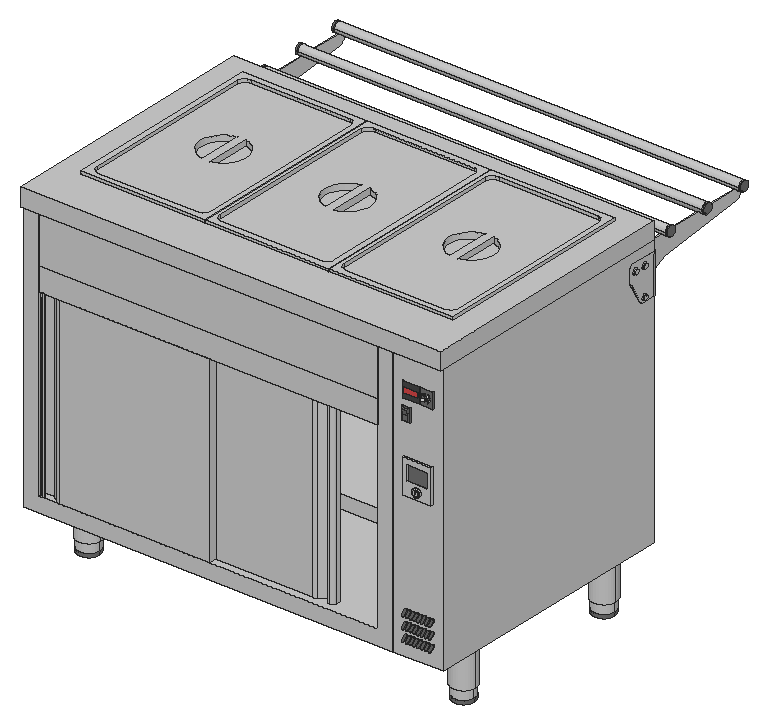
Revit family "QF_INOMAK_MDV711_250604105743", category Specialty Equipment, Revit 2021 (continued)
Definition of nested family "QF_INOMAK_CUPBOARD_RAILS_6744"
  Automatic sketch dimensions
    plane 1 "Back" to Extrusion 16 sketch curve = 71.396 mm
    Extrusion 16 sketch curve to Extrusion 16 sketch curve = 5.196 mm  (x3)
    Extrusion 16 sketch curve to plane 6 "Top" = 94 mm
    Extrusion 16 sketch curve to Extrusion 16 sketch curve = 3 mm  (x3)
    Extrusion 16 sketch curve to Extrusion 16 sketch curve = 6 mm  (x2)
    plane 1 "Back" to Extrusion 17 sketch curve = 36.2 mm
    Extrusion 17 sketch curve to plane 6 "Top" = 162 mm
    plane 1 "Back" to Extrusion 18 sketch curve = 41.396 mm
    Extrusion 18 sketch curve to Extrusion 18 sketch curve = 5.196 mm  (x3)
    Extrusion 18 sketch curve to plane 6 "Top" = 168 mm
    Extrusion 18 sketch curve to Extrusion 18 sketch curve = 3 mm  (x3)
    Extrusion 18 sketch curve to Extrusion 18 sketch curve = 6 mm  (x2)
    Extrusion 20 sketch curve to Extrusion 20 sketch curve = 0 mm  (x4)
    Extrusion 20 sketch curve to plane 4 "Right" = 0 mm
    plane 1 "Back" to Extrusion 20 sketch curve = 0 mm
    Extrusion 20 sketch curve to plane 1 "Back" = 3 mm
    Extrusion 20 sketch curve to Extrusion 20 sketch curve = 3 mm  (x2)
    Extrusion 20 sketch curve to Extrusion 20 sketch curve = 24 mm
    Extrusion 19 sketch curve to plane 6 "Top" = 83.381 mm
    Extrusion 19 sketch curve to plane 1 "Back" = 319.5 mm
    Extrusion 19 sketch curve to Extrusion 19 sketch curve = 3.5 mm
    Extrusion 19 sketch curve to plane 6 "Top" = 98.295 mm
    Extrusion 19 sketch curve to Extrusion 19 sketch curve = 13.393 mm
    Extrusion 19 sketch curve to Extrusion 19 sketch curve = 10.356 mm  (x5)
    Extrusion 19 sketch curve to Extrusion 19 sketch curve = 98.144 mm
    Extrusion 19 sketch curve to plane 1 "Back" = 116.97 mm
    Extrusion 19 sketch curve to Extrusion 19 sketch curve = 83.694 mm
    Extrusion 19 sketch curve to Extrusion 19 sketch curve = 15.594 mm
    Extrusion 19 sketch curve to plane 1 "Back" = 6 mm
    Extrusion 19 sketch curve to plane 6 "Top" = 120.292 mm
    Extrusion 19 sketch curve to Extrusion 19 sketch curve = 53.708 mm
    Extrusion 19 sketch curve to Extrusion 19 sketch curve = 8.381 mm
    Extrusion 19 sketch curve to plane 6 "Top" = 70 mm
    Extrusion 19 sketch curve to Extrusion 19 sketch curve = 7 mm  (x2)
    plane 1 "Back" to Extrusion 22 sketch curve = 36.2 mm
    Extrusion 22 sketch curve to plane 6 "Top" = 88 mm
    plane 1 "Back" to Extrusion 23 sketch curve = 31.004 mm
    Extrusion 23 sketch curve to Extrusion 23 sketch curve = 5.196 mm  (x3)
    Extrusion 23 sketch curve to plane 6 "Top" = 94 mm
    Extrusion 23 sketch curve to Extrusion 23 sketch curve = 3 mm  (x3)
    Extrusion 23 sketch curve to Extrusion 23 sketch curve = 6 mm  (x2)
    plane 1 "Back" to Extrusion 24 sketch curve = 66.2 mm
    Extrusion 24 sketch curve to plane 6 "Top" = 88 mm
    plane 1 "Back" to Extrusion 25 sketch curve = 61.004 mm
    Extrusion 25 sketch curve to Extrusion 25 sketch curve = 5.196 mm  (x3)
    Extrusion 25 sketch curve to plane 6 "Top" = 94 mm
    Extrusion 25 sketch curve to Extrusion 25 sketch curve = 3 mm  (x3)
    Extrusion 25 sketch curve to Extrusion 25 sketch curve = 6 mm  (x2)
    plane 1 "Back" to Extrusion 26 sketch curve = 36.2 mm
    Extrusion 26 sketch curve to plane 6 "Top" = 162 mm
    plane 1 "Back" to Extrusion 27 sketch curve = 31.004 mm
    Extrusion 27 sketch curve to Extrusion 27 sketch curve = 5.196 mm  (x3)
    Extrusion 27 sketch curve to plane 6 "Top" = 168 mm
    Extrusion 27 sketch curve to Extrusion 27 sketch curve = 3 mm  (x3)
    Extrusion 27 sketch curve to Extrusion 27 sketch curve = 6 mm  (x2)
    plane 1 "Back" to Extrusion 21 sketch curve = 3 mm
    Extrusion 21 sketch curve to Extrusion 21 sketch curve = 37.426 mm
    Extrusion 21 sketch curve to Extrusion 21 sketch curve = 8.66 mm  (x2)
    Extrusion 21 sketch curve to Extrusion 21 sketch curve = 30.774 mm
    Extrusion 21 sketch curve to Extrusion 21 sketch curve = 0 mm
    Extrusion 21 sketch curve to Extrusion 21 sketch curve = 1.34 mm
    Extrusion 21 sketch curve to plane 6 "Top" = 174 mm
    Extrusion 21 sketch curve to Extrusion 21 sketch curve = 5 mm
    Extrusion 21 sketch curve to Extrusion 21 sketch curve = 53.301 mm
    Extrusion 21 sketch curve to Extrusion 21 sketch curve = 30.699 mm
    plane 1 "Back" to curve 23 = 0 mm
    plane 1 "Back" to curve 17 = 0 mm
    plane 1 "Back" to curve 18 = 0 mm
    plane 1 "Back" to curve 24 = 0 mm
    plane 4 "Right" to curve 3 = 15 mm
    curve 3 to plane 1 "Back" = 63.5 mm
    curve 3 to curve 4 = 25 mm
    plane 3 "Left" to curve 6 = 15 mm
    curve 1 to curve 6 = 95 mm
    curve 6 to curve 6 = 25 mm
    plane 4 "Right" to curve 12 = 15 mm
    curve 5 to curve 12 = 95 mm
    curve 11 to curve 12 = 25 mm
    plane 4 "Right" to curve 8 = 15 mm
    plane 3 "Left" to curve 11 = 15 mm
    plane 3 "Left" to curve 3 = 15 mm
    curve 1 to curve 25 = 5 mm
    curve 9 to curve 27 = 5 mm
    curve 5 to curve 26 = 5 mm
    curve 26 to curve 21 = 10 mm
    plane 4 "Right" to curve 23 = 30 mm
    curve 26 to curve 19 = 10 mm
    curve 19 to curve 20 = 3 mm
    curve 21 to curve 22 = 3 mm
    curve 23 to curve 24 = 3 mm
    curve 16 to curve 1 = 18 mm
    curve 14 to curve 10 = 18 mm
    curve 18 to curve 2 = 18 mm
    curve 18 to curve 17 = 3 mm
    curve 14 to curve 13 = 3 mm
    curve 16 to curve 15 = 3 mm
    curve 28 to curve 10 = 5 mm
    curve 29 to curve 5 = 5 mm
    curve 30 to curve 1 = 5 mm
    radius of Sweep 1 sketch curve = 12.5 mm
    radius of Extrusion 2 sketch curve = 12.5 mm
    radius of Extrusion 3 sketch curve = 12.5 mm
    radius of Sweep 4 sketch curve = 12.5 mm
    radius of Extrusion 5 sketch curve = 12.5 mm
    radius of Extrusion 6 sketch curve = 12.5 mm
    radius of Sweep 7 sketch curve = 12.5 mm
    radius of Extrusion 8 sketch curve = 12.5 mm
    radius of Extrusion 9 sketch curve = 12.5 mm
    radius of Extrusion 13 sketch curve = 7 mm
    radius of Extrusion 15 sketch curve = 7 mm
    radius of Extrusion 17 sketch curve = 7 mm
    radius of Extrusion 22 sketch curve = 7 mm
    radius of Extrusion 24 sketch curve = 7 mm
    radius of Extrusion 26 sketch curve = 7 mm
Definition of nested family "CONN_POINT_COLDWATER_2D___Generic_Annotation"
  Parameters (values of type "CONN_POINT_COLDWATER_2D___Generic_Annotation")
    Onboard connection annotation symbol visibility [instance] = yes
  Reference planes
    plane 1: y = 0
    plane 2: x = 0
  Lines and regions (mm)
    detail lines, visible <- "Onboard connection annotation symbol visibility"
      curve 1: circle (0, 0, 0) r 0.5 normal (0, 0, 1)
      curve 2: line (-1, 0, 0) -> (1, 0, 0)
      curve 3: line (0, 1, 0) -> (0, -1, 0)
      curve 4: line (3.241, 1, 0) -> (3.717, -1, 0)
      curve 5: line (3.717, -1, 0) -> (4.193, 1, 0)
      curve 6: line (4.193, 1, 0) -> (4.669, -1, 0)
      curve 7: line (4.669, -1, 0) -> (5.145, 1, 0)
      curve 8: arc (2.67, 0.524, 0) -> (2.004, 1, 0) -> (1.337, 0.524, 0) r 0.704
      curve 9: arc (1.337, -0.524, 0) -> (2.004, -1, 0) -> (2.67, -0.524, 0) r 0.704
      curve 10: arc (1.337, 0.524, 0) -> (1.25, 0, 0) -> (1.337, -0.524, 0) r 1.616
Definition of nested family "CONN_POINT_DRAIN_2D___Generic_Annotation"
  Parameters (values of type "CONN_POINT_DRAIN_2D___Generic_Annotation")
    Onboard connection annotation symbol visibility [instance] = yes
  Reference planes
    plane 1: y = 0
    plane 2: x = 0
  Lines and regions (mm)
    detail lines, visible <- "Onboard connection annotation symbol visibility"
      curve 1: circle (0, 0, 0) r 0.5 normal (0, 0, 1)
      curve 2: line (-1, 0, 0) -> (1, 0, 0)
      curve 3: line (0, 1, 0) -> (0, -1, 0)
      curve 4: line (1.776, 1, 0) -> (1.25, 1, 0)
      curve 5: line (1.25, 1, 0) -> (1.25, -1, 0)
      curve 6: line (1.25, -1, 0) -> (1.776, -1, 0)
      curve 7: arc (2.206, -0.862, 0) -> (2.459, -0.589, 0) -> (2.583, -0.238, 0) r 0.918
      curve 8: arc (2.583, 0.238, 0) -> (2.459, 0.589, 0) -> (2.206, 0.862, 0) r 0.918
      curve 9: arc (2.583, -0.238, 0) -> (2.599, 0, 0) -> (2.583, 0.238, 0) r 1.77
      curve 10: arc (2.206, 0.862, 0) -> (2.002, 0.965, 0) -> (1.776, 1, 0) r 0.741
      curve 11: arc (1.776, -1, 0) -> (2.002, -0.965, 0) -> (2.206, -0.862, 0) r 0.741
Definition of nested family "CONN_POINT_ELE_2D___Generic_Annotation"
  Parameters (values of type "CONN_POINT_ELE_2D___Generic_Annotation")
    Onboard connection annotation symbol visibility [instance] = yes
  Reference planes
    plane 1: y = 0
    plane 2: x = 0
  Lines and regions (mm)
    detail lines, visible <- "Onboard connection annotation symbol visibility"
      curve 1: circle (0, 0, 0) r 0.5 normal (0, 0, 1)
      curve 2: line (-1, 0, 0) -> (1, 0, 0)
      curve 3: line (0, 1, 0) -> (0, -1, 0)
      curve 4: line (2.5, 1, 0) -> (1.25, 1, 0)
      curve 5: line (1.25, 1, 0) -> (1.25, -1, 0)
      curve 6: line (1.25, -1, 0) -> (2.5, -1, 0)
      curve 7: line (1.25, 0, 0) -> (2, 0, 0)
